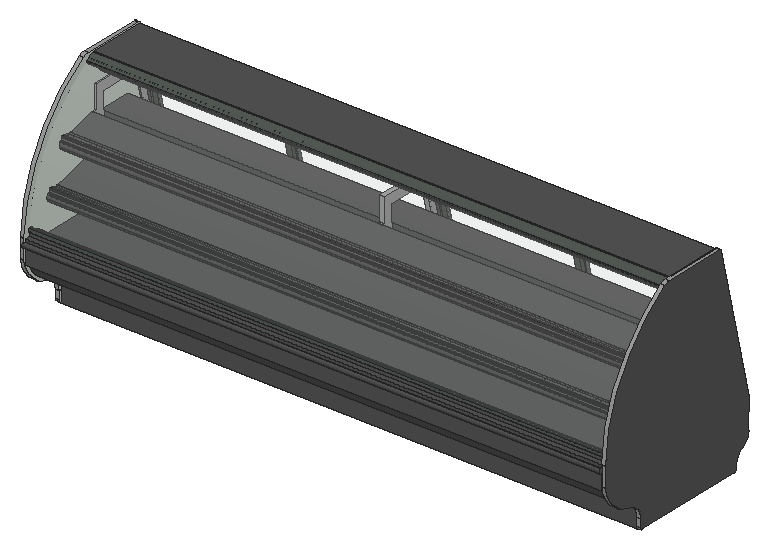
Revit family "ESBDHV_2014", category Specialty Equipment, Revit 2014 (continued)
Connectors (in)
  piping at (-5.05699, -26.25, 7.681), diameter 1.5, driven by "Waste Drain"
    settings: on Extrusion 1, index 8, connector inside diameter 1 1/4", connector length 0", flow factor 0, pipe flow 0 GPM, pressure drop 0.00 psi, fitting loss kfactor 0, connector angle 0.00°, fixture units 0, engagement length 0", angle of deflection 0.00°, flow configuration 0, flow direction 0, fitting loss method 0, system type 16, joint type 0, gender type 0, connector reference index -1, connector utility 0, adjustable connector no, is connector primary yes, connector description "1 1/4\""
  piping at (58.50551, -29.375, 0), diameter 0.875, driven by "Refrig. Suction", driven by "Refrigeration Lines Suction"
    settings: on Extrusion 2, index 9, connector inside diameter 7/8", connector length 0", flow factor 0, pipe flow 0 GPM, pressure drop 0.00 psi, fitting loss kfactor 0, connector angle 0.00°, fixture units 0, engagement length 0", angle of deflection 0.00°, flow configuration 0, flow direction 2, fitting loss method 0, system type 22, joint type 0, gender type 0, connector reference index -1, connector utility 0, adjustable connector no, is connector primary no, connector description "Suction"
  piping at (59.13051, -29.375, 0), diameter 0.375, driven by "Refrig. Liquid", driven by "Refrigeration Lines Liquid"
    settings: on Extrusion 3, index 10, connector inside diameter 3/8", connector length 0", flow factor 0, pipe flow 0 GPM, pressure drop 0.00 psi, fitting loss kfactor 0, connector angle 0.00°, fixture units 0, engagement length 0", angle of deflection 0.00°, flow configuration 0, flow direction 1, fitting loss method 0, system type 22, joint type 0, gender type 0, connector reference index -1, connector utility 0, adjustable connector no, is connector primary no, connector description "Liquid"
Definition of nested family "Floor Support - E Series"
  Parameters (values of type "Floor Support - E Series")
    Width = 4"
    URL = "www.hussmann.com"
    Type Comments = ""
    Revit Family Date = "5/12/2016"
    Model = ""
    Manufacturer = "Hussmann Corporation"
    Height = 8.6995"
    Floor Support = none
    Description = ""
    Depth = 26.382"
    Assembly Code = ""
    Accessories/Options = ""
  Reference planes (in)
    plane 1 "Back": y = -2.993
    plane 2 "Bottom": z = 0
    plane 3 "Top": z = 8.6995
    plane 4 "Front": y = -29.375
    plane 5 "Center (Left/Right)": x = -0.61949
    plane 6 "Left": x = -2.61949
    plane 7 "Right": x = 1.38051
  Forms (in)
    Extrusion 1, solid, material <- "Floor Support"
      sketch origin (0, 0, 0) x (1, 0, 0) y (0, 1, 0)
        loop
          line (-2.61949, -6.062) -> (-2.61949, -6.187) -> (-1.74449, -6.187) -> (-1.74449, -3.118) -> (0.50551, -3.118) -> (0.50551, -6.187) -> (1.38051, -6.187) -> (1.38051, -6.062) -> (0.63051, -6.062) -> (0.63051, -2.993) -> (-1.86949, -2.993) -> (-1.86949, -6.062) -> (-2.61949, -6.062)
        loop
          line (-2.61949, -26.306) -> (-1.86949, -26.306) -> (-1.86949, -29.375) -> (0.63051, -29.375) -> (0.63051, -26.306) -> (1.38051, -26.306) -> (1.38051, -26.181) -> (0.50551, -26.181) -> (0.50551, -29.25) -> (-1.74449, -29.25) -> (-1.74449, -26.181) -> (-2.61949, -26.181) -> (-2.61949, -26.306)
      from 0.6875 to 8.6995
    Extrusion 2, solid, material <- "Floor Support"
      sketch origin (0, 0, 0) x (1, 0, 0) y (0, 1, 0)
        loop
          circle (-0.61949, -3.519) r 0.3125
        loop
          circle (-0.61949, -28.592) r 0.3125
      from 0 to 0.5625
    Extrusion 3, solid, material <- "Floor Support"
      sketch origin (0, 0, 0) x (1, 0, 0) y (0, 1, 0)
        loop
          circle (-0.61949, -28.592) r 0.5
        loop
          circle (-0.61949, -3.519) r 0.5
      from 0.5625 to 0.6875
    Extrusion 4, solid, material <- "Floor Support"
      sketch origin (0, 0, 0) x (1, 0, 0) y (0, 1, 0)
        loop
          line (-1.74449, -3.118) -> (-1.74449, -29.25) -> (0.50551, -29.25) -> (0.50551, -3.118) -> (-1.74449, -3.118)
      from 5.51633 to 8.6995
  Dimensions and locks (in)
    "Depth": plane 4 "Front" to plane 1 "Back"
    "Height": plane 3 "Top" to level
    equal spacing: plane 6 "Left", plane 5 "Center (Left/Right)", plane 7 "Right"
    "Width": plane 6 "Left" to plane 7 "Right"
    aligned and locked: Extrusion 4 to plane 3 "Top"
    aligned and locked: Extrusion 1 to plane 3 "Top"
  Automatic sketch dimensions
    plane 1 "Back" to Extrusion 1 sketch curve = 0"
    Extrusion 1 sketch curve to Extrusion 1 sketch curve = 1/8"  (x9)
    plane 1 "Back" to Extrusion 1 sketch curve = 1/8"
    Extrusion 1 sketch curve to Extrusion 1 sketch curve = 0"  (x2)
    Extrusion 1 sketch curve to plane 6 "Left" = 0"  (x2)
    plane 6 "Left" to Extrusion 1 sketch curve = 3/4"  (x2)
    Extrusion 1 sketch curve to plane 7 "Right" = 0"  (x2)
    Extrusion 1 sketch curve to plane 7 "Right" = 7/8"
    Extrusion 1 sketch curve to Extrusion 1 sketch curve = 7/8"
    Extrusion 3 sketch curve to plane 5 "Center (Left/Right)" = 0"  (x2)
    plane 4 "Front" to Extrusion 4 sketch curve = 1/8"
    plane 6 "Left" to Extrusion 4 sketch curve = 7/8"
    Extrusion 4 sketch curve to plane 7 "Right" = 7/8"
    plane 1 "Back" to Extrusion 4 sketch curve = 1/8"
    Extrusion 1 sketch curve to plane 4 "Front" = 0"
    Extrusion 1 sketch curve to Extrusion 1 sketch curve = 2.944"
    plane 4 "Front" to Extrusion 3 sketch curve = 0.783"
    Extrusion 1 sketch curve to Extrusion 1 sketch curve = 3.069"
    plane 1 "Back" to Extrusion 3 sketch curve = 0.526"
    radius of Extrusion 3 sketch curve = 1/2"  (x2)
Definition of nested family "Service Doors - 103deg - 48"
  Parameters (values of type "Service Doors - 103deg - 48")
    Glazing = Glass
    Door Frame = Plastic - 701 Black
  Reference planes (in)
    plane 1 "Center (Front/Back)": y = 25.29918
    plane 2: z = 0
    plane 3 "Center (Left/Right)": x = 0
  Forms (in)
    Sweep 1, solid, material "Plastic - 701 Black" <- "Door Frame"
      path in 3D
        loop
          line (48, 18.66935, 52.18815) -> (0, 18.66935, 52.18815) -> (0, 25.29918, 24.72713) -> (48, 25.29918, 24.72713) -> (48, 18.66935, 52.18815)
      profile origin (24, 18.66935, 52.18815) x (0, -0.999433, -0.03367) y (0, -0.03367, 0.999433)
        loop
          line (0.22883, -0.04715) -> (0, 0) -> (-0.30273, -1.46913) -> (1.89986, -1.923) -> (2.10168, -0.94358) -> (0.14441, -0.54026) -> (0.22883, -0.04715)
    Extrusion 2, solid, material "Plastic - 701 Black" <- "Door Frame"
      sketch origin (1.5, 16.83532, 50.20227) x (0, 0.234684, -0.972072) y (0, 0.972072, 0.234684)
        loop
          line (0, 0.25) -> (25.25, 0.25) -> (25.25, 1.0625) -> (0, 1.0625) -> (0, 0.25)
      from 0 to 23
    Extrusion 3, solid, material "Plastic - 701 Black" <- "Door Frame"
      sketch origin (46.5, 22.76109, 25.65746) x (0, -0.234684, 0.972072) y (0, 0.972072, 0.234684)
        loop
          line (25.25, 1.875) -> (0, 1.875) -> (0, 1.0625) -> (25.25, 1.0625) -> (25.25, 1.875)
      from 0 to 23
    Extrusion 4, void
      sketch origin (46.5, 18.81197, 50.00436) x (0, -0.234684, 0.972072) y (-1, 0, 0)
        loop
          line (-23.09373, 21.5) -> (-23.09373, 1.5) -> (-0.84373, 1.5) -> (-0.84373, 21.5) -> (-23.09373, 21.5)
      from 0 to 0.8125
    Extrusion 5, void
      sketch origin (1.5, 16.95767, 50.76077) x (0, -0.234684, 0.972072) y (1, 0, 0)
        loop
          line (-2.01418, 21.5) -> (-24.26418, 21.5) -> (-24.26418, 1.5) -> (-2.01418, 1.5) -> (-2.01418, 21.5)
      from 0 to 0.8125
    Extrusion 6, solid, material "Glass" <- "Glazing"
      sketch origin (25, 24.58373, 26.09749) x (0, -0.234684, 0.972072) y (0, -0.972072, -0.234684)
        loop
          line (1.5, 0.1875) -> (25.25, 0.1875) -> (25.25, 0.625) -> (1.5, 0.625) -> (1.5, 0.1875)
      from 0 to 20
    Extrusion 7, solid, material "Glass" <- "Glazing"
      sketch origin (23, 17.07834, 50.26094) x (0, 0.234684, -0.972072) y (0, -0.972072, -0.234684)
        loop
          line (1.5, -0.625) -> (25.25, -0.625) -> (25.25, -0.1875) -> (1.5, -0.1875) -> (1.5, -0.625)
      from 0 to 20
  Cuts and joins
    Extrusion 4 cuts Extrusion 3
    Extrusion 5 cuts Extrusion 2
  Lines and regions (in)
    sketch lines
      curve 1: line (48, 25.29918, 24.72713) -> (48, 18.66935, 52.18815)
      curve 2: line (0, 18.66935, 52.18815) -> (0, 25.29918, 24.72713)
      curve 3: line (48, 18.66935, 52.18815) -> (0, 18.66935, 52.18815)
      curve 4: line (48, 25.29918, 24.72713) -> (0, 25.29918, 24.72713)
  Dimensions and locks (in)
    Extrusion 2 to Extrusion 3 = 45"
    plane 3 "Center (Left/Right)" to Sweep 1 = 48"
    Sweep 1 to Sweep 1 = 1 1/2"
    locked: cut or joined group of Extrusion 3, Extrusion 4 to Extrusion 4 sketch curve at 1.5
    locked: Extrusion 5 sketch curve to cut or joined group of Extrusion 2, Extrusion 5 at 1.5
    Sweep 1 to Sweep 1 = 28 1/4"
    locked: cut or joined group of Extrusion 2, Extrusion 5 to Extrusion 5 sketch curve at 1.5  (x2)
    locked: Sweep 1 to Extrusion 5 sketch curve at 1.5
    locked: Extrusion 4 sketch curve to Sweep 1 at 1.5  (x3)
    Sweep 1 to Sweep 1 = 45"
    angle level to Sweep 1 = 103.573°
    aligned and locked: plane 2 to level
    aligned and locked: Extrusion 3 to Sweep 1  (x3)
    aligned and locked: Extrusion 2 to Sweep 1
    aligned and locked: Extrusion 6 to cut or joined group of Extrusion 3, Extrusion 4
    aligned and locked: cut or joined group of Extrusion 3, Extrusion 4 to Extrusion 6
    aligned and locked: cut or joined group of Extrusion 2, Extrusion 5 to Extrusion 7
    aligned and locked: plane 1 "Center (Front/Back)" to Sweep 1
    aligned and locked: Sweep 1 to Extrusion 2 sketch curve  (x2)
    aligned and locked: cut or joined group of Extrusion 2, Extrusion 5 to Extrusion 7 sketch curve
    aligned and locked: Extrusion 7 sketch curve to Sweep 1
    aligned and locked: Sweep 1 to Extrusion 3 sketch curve  (x2)
    aligned and locked: Extrusion 6 sketch curve to Sweep 1
    aligned and locked: Extrusion 6 sketch curve to cut or joined group of Extrusion 3, Extrusion 4
Definition of nested family "Service Doors - 103deg - 72"
  Parameters (values of type "Service Doors - 103deg - 72")
    Glazing = Glass
    Door Frame = Plastic - 701 Black
  Reference planes (in)
    plane 1 "Center (Front/Back)": y = 25.29918
    plane 2: z = 0
    plane 3 "Center (Left/Right)": x = 0
  Forms (in)
    Sweep 1, solid, material "Plastic - 701 Black" <- "Door Frame"
      path in 3D
        loop
          line (72, 18.66935, 52.18815) -> (0, 18.66935, 52.18815) -> (0, 25.29918, 24.72713) -> (72, 25.29918, 24.72713) -> (72, 18.66935, 52.18815)
      profile origin (36, 18.66935, 52.18815) x (0, -0.999433, -0.03367) y (0, -0.03367, 0.999433)
        loop
          line (0.22883, -0.04715) -> (0, 0) -> (-0.30273, -1.46913) -> (1.89986, -1.923) -> (2.10168, -0.94358) -> (0.14441, -0.54026) -> (0.22883, -0.04715)
    Extrusion 2, solid, material "Plastic - 701 Black" <- "Door Frame"
      sketch origin (1.5, 16.83532, 50.20227) x (0, 0.234684, -0.972072) y (0, 0.972072, 0.234684)
        loop
          line (0, 0.25) -> (25.25, 0.25) -> (25.25, 1.0625) -> (0, 1.0625) -> (0, 0.25)
      from 0 to 35
    Extrusion 3, solid, material "Plastic - 701 Black" <- "Door Frame"
      sketch origin (70.5, 22.76109, 25.65746) x (0, -0.234684, 0.972072) y (0, 0.972072, 0.234684)
        loop
          line (25.25, 1.875) -> (0, 1.875) -> (0, 1.0625) -> (25.25, 1.0625) -> (25.25, 1.875)
      from 0 to 35
    Extrusion 4, void
      sketch origin (70.5, 18.81197, 50.00436) x (0, -0.234684, 0.972072) y (-1, 0, 0)
        loop
          line (-23.09373, 33.5) -> (-23.09373, 1.5) -> (-0.84373, 1.5) -> (-0.84373, 33.5) -> (-23.09373, 33.5)
      from 0 to 0.8125
    Extrusion 5, void
      sketch origin (1.5, 16.95767, 50.76077) x (0, -0.234684, 0.972072) y (1, 0, 0)
        loop
          line (-2.01418, 33.5) -> (-24.26418, 33.5) -> (-24.26418, 1.5) -> (-2.01418, 1.5) -> (-2.01418, 33.5)
      from 0 to 0.8125
    Extrusion 6, solid, material "Glass" <- "Glazing"
      sketch origin (37, 24.58373, 26.09749) x (0, -0.234684, 0.972072) y (0, -0.972072, -0.234684)
        loop
          line (1.5, 0.1875) -> (25.25, 0.1875) -> (25.25, 0.625) -> (1.5, 0.625) -> (1.5, 0.1875)
      from 0 to 32
    Extrusion 7, solid, material "Glass" <- "Glazing"
      sketch origin (35, 17.07834, 50.26094) x (0, 0.234684, -0.972072) y (0, -0.972072, -0.234684)
        loop
          line (1.5, -0.625) -> (25.25, -0.625) -> (25.25, -0.1875) -> (1.5, -0.1875) -> (1.5, -0.625)
      from 0 to 32
  Cuts and joins
    Extrusion 4 cuts Extrusion 3
    Extrusion 5 cuts Extrusion 2
  Lines and regions (in)
    sketch lines
      curve 1: line (72, 25.29918, 24.72713) -> (72, 18.66935, 52.18815)
      curve 2: line (0, 18.66935, 52.18815) -> (0, 25.29918, 24.72713)
      curve 3: line (72, 18.66935, 52.18815) -> (0, 18.66935, 52.18815)
      curve 4: line (72, 25.29918, 24.72713) -> (0, 25.29918, 24.72713)
  Dimensions and locks (in)
    Extrusion 2 to Extrusion 3 = 69"
    plane 3 "Center (Left/Right)" to Sweep 1 = 72"
    Sweep 1 to Sweep 1 = 1 1/2"
    locked: cut or joined group of Extrusion 3, Extrusion 4 to Extrusion 4 sketch curve at 1.5
    locked: Extrusion 5 sketch curve to cut or joined group of Extrusion 2, Extrusion 5 at 1.5
    Sweep 1 to Sweep 1 = 28 1/4"
    locked: cut or joined group of Extrusion 2, Extrusion 5 to Extrusion 5 sketch curve at 1.5  (x2)
    locked: Sweep 1 to Extrusion 5 sketch curve at 1.5
    locked: Extrusion 4 sketch curve to Sweep 1 at 1.5  (x3)
    Sweep 1 to Sweep 1 = 69"
    angle level to Sweep 1 = 103.573°
    aligned and locked: plane 2 to level
    aligned and locked: Extrusion 3 to Sweep 1  (x3)
    aligned and locked: Extrusion 2 to Sweep 1
    aligned and locked: Extrusion 6 to cut or joined group of Extrusion 3, Extrusion 4
    aligned and locked: cut or joined group of Extrusion 3, Extrusion 4 to Extrusion 6
    aligned and locked: cut or joined group of Extrusion 2, Extrusion 5 to Extrusion 7
    aligned and locked: plane 1 "Center (Front/Back)" to Sweep 1
    aligned and locked: Sweep 1 to Extrusion 2 sketch curve  (x2)
    aligned and locked: cut or joined group of Extrusion 2, Extrusion 5 to Extrusion 7 sketch curve
    aligned and locked: Extrusion 7 sketch curve to Sweep 1
    aligned and locked: Sweep 1 to Extrusion 3 sketch curve  (x2)
    aligned and locked: Extrusion 6 sketch curve to Sweep 1
    aligned and locked: Extrusion 6 sketch curve to cut or joined group of Extrusion 3, Extrusion 4
Definition of nested family "Light"
  Parameters (values of type "Light")
    Wattage = 16.1571 W
    built-in parameter 1150110 = 1 (stored number, unit not read)
    built-in parameter 1114217 = 1 (stored number, unit not read)
    built-in parameter 1150109 = 1 (stored number, unit not read)
    built-in parameter 1150134 = (empty or 0)
    built-in parameter 1150113 = 1 (stored number, unit not read)
    Lumens = 2400 lm
    built-in parameter 1150115 = 1 (stored number, unit not read)
    built-in parameter 1150105 = 763.94 (stored number, unit not read)
    Light Source Symbol Size = 24"
    built-in parameter 1150137 = (empty or 0)
    built-in parameter 1150139 = (empty or 0)
    Lense = none
    Length = 144"
    built-in parameter 1150112 = 1 (stored number, unit not read)
    built-in parameter 1150114 = 1 (stored number, unit not read)
    built-in parameter 1150132 = 2
    built-in parameter 1150102 = (empty or 0)
    built-in parameter 1150138 = (empty or 0)
    built-in parameter 1150107 = 6100 (stored number, unit not read)
    built-in parameter 1150106 = 7.6394 (stored number, unit not read)
    Emit from Line Length = Length  # 144"
    built-in parameter 1150104 = 13.8 (stored number, unit not read)
    Dimming Lamp Color Temperature Shift = (empty or 0)
    Color Filter = 16777215
    Casing = none
    built-in parameter 1114218 = 1 (stored number, unit not read)
    built-in parameter 1150133 = 10 (stored number, unit not read)
  Reference planes (in)
    plane 1 "Light Source Axis (F/B)": y = -8.60801
    plane 2: z = 0
    plane 3 "Light Source Axis (L/R)": x = 0
    plane 4 "Light Source Elevation": z = 52.5
    plane 5: z = 0
    plane 6 "Left": x = -72
    plane 7 "Right": x = 72
  Lines and regions (in)
    model lines
      curve 1: line (-72, -8.60801, 52.5) -> (72, -8.60801, 52.5)
  Dimensions and locks (in)
    equal spacing: plane 7 "Right", plane 3 "Light Source Axis (L/R)", plane 6 "Left"
    "Length": plane 7 "Right" to plane 6 "Left"
    aligned and locked: plane 3 "Light Source Axis (L/R)" to imposter light
    aligned and locked: plane 1 "Light Source Axis (F/B)" to imposter light
    aligned and locked: plane 4 "Light Source Elevation" to imposter light
    aligned and locked: level to plane 5
  Automatic sketch dimensions
    plane 1 "Light Source Axis (F/B)" to curve 1 = 0"
    curve 1 to plane 6 "Left" = 0"
    curve 1 to plane 7 "Right" = 0"
Types (4): name | Width | Total Weight | Number of Supports | Location of Drain | Case Weight | 8 Case | 6 Case | 4 Case | 12 Case
  12'-0" Length | 144 1/2" | 1400.00 lbf | 4 | 72 1/4" | 1200.00 lbf | no | no | no | yes
  6'-0" Length | 72 3/8" | 1000.00 lbf | 3 | 24 1/8" | 800.00 lbf | no | yes | no | no
  8'-0" Length | 96 3/8" | 1200.00 lbf | 3 | 24 1/8" | 1000.00 lbf | yes | no | no | no
  4'-0" Length | 48 1/4" | 900.00 lbf | 2 | 24 1/8" | 700.00 lbf | no | no | yes | no
